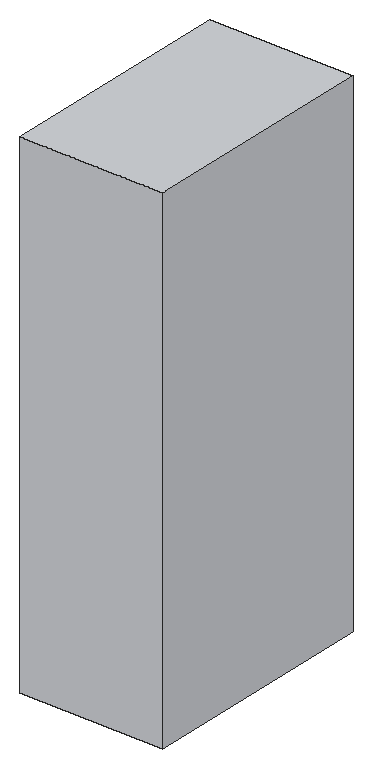
Revit family "SB11_RTU機櫃_600x1000x2100", category 電氣設備, Revit 2025
Family settings
  面板規劃 = 兩欄，回路穿越
  圓形接點標註 = 使用直徑
  組件類型 = 分電盤
  OmniClass 編號 = 23.80.30.11.17
  OmniClass 標題 = Distribution Boards and Control Panels
  以工作平面為基礎 = 否
  總是垂直 = 是
  載入時使用空心切割 = 否
  維持標註方位 = 否
  共用 = 否
  房間計算點 = 否
Parameters (values of type "RTU 與網路機櫃")
  built-in parameter 1155100 [instance] = -1
  Default Elevation = 0 mm
  built-in parameter 1140142 [instance] = -1
  SCADA_高mm [instance] = "2100"
  SCADA_附錄F項次 [instance] = "14"
  SCADA_附錄D項次 [instance] = "5"
  SCADA_編號 [instance] = "SB11-COMS-RTU-01"
  SCADA_站點 [instance] = "SB11"
  SCADA_深mm [instance] = "1000"
  SCADA_機櫃類型 [instance] = "RTU 與網路機櫃"
  SCADA_期別 [instance] = "第一期"
  SCADA_房間 [instance] = "COMS/SCADA 設備室"
  SCADA_建物 [instance] = "車站"
  SCADA_尺寸 [instance] = "600W×1000D×2100H"
  SCADA_寬mm [instance] = "600"
  SCADA_定位來源 [instance] = "獨立設備族群（載入專案後定位）"
  SCADA_備註 [instance] = ""
  SCADA_來源文件 [instance] = "Installation SoW_V6（Rev.006, 2026-07-02）附錄 D / F；依原文顏色標示排除已刪除項目"
  SCADA_UPS電源110V [instance] = "雙 UPS 電源（2×4500VA）"
  built-in parameter 1140140 [instance] = 1 (stored number, unit not read)
Reference planes
  plane 1 "中心 (前/後)": y = 0
  plane 2: z = 0
  plane 3 "中心 (左/右)": x = 0
Forms (mm)
  Extrusion 1, solid
    sketch origin (0, 0, 0) x (1, 0, 0) y (0, 1, 0)
      loop
        line (-300, -500) -> (300, -500) -> (300, 500) -> (-300, 500) -> (-300, -500)
    from 0 to 2100
Lines and regions (mm)
  model lines, style "開門線"
    curve 1: line (300, -500, 0) -> (300, -1100, 0)
    curve 2: arc (-300, -500, 0) -> (-124.264, -924.264, 0) -> (300, -1100, 0) r 600
    curve 3: line (-300, 500, 0) -> (-300, 1100, 0)
    curve 4: arc (300, 500, 0) -> (124.264, 924.264, 0) -> (-300, 1100, 0) r 600
Dimensions and locks
  aligned and locked: level to plane 2
